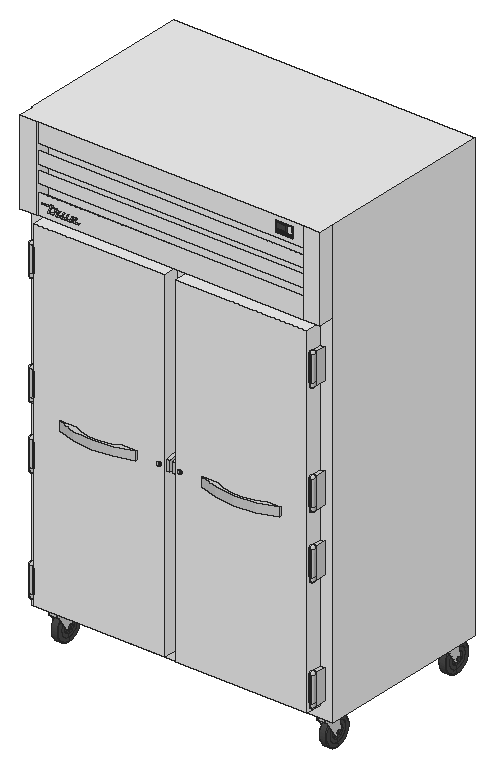
Revit family (continued)
Automatic sketch dimensions
  Extrusion 11 sketch curve to Extrusion 11 sketch curve = 2.4"  (x2)
  plane 8 to Extrusion 11 sketch curve = 12 13/32"
  Extrusion 11 sketch curve to Extrusion 11 sketch curve = 0"
  plane 5 "FRONT" to Extrusion 11 sketch curve = 0.2"
  Extrusion 11 sketch curve to plane 5 "FRONT" = 7.77899"
  Extrusion 11 sketch curve to Extrusion 11 sketch curve = 7.30945"
  plane 8 to Blend 12 sketch curve = 15/16"  (x2)
  plane 8 to Blend 12 sketch curve = 3/16"
  plane 7 to Blend 12 sketch curve = 31.11669"
  Blend 12 sketch curve to Blend 12 sketch curve = 1 3/4"
  plane 8 to Blend 12 sketch curve = 0.00527"
  plane 7 to Blend 12 sketch curve = 30.5191"
  Blend 12 sketch curve to Blend 12 sketch curve = 2.78233"
  Blend 13 sketch curve to plane 8 = 1 3/32"
  Blend 13 sketch curve to plane 8 = 11/32"
  plane 7 to Blend 13 sketch curve = 32.86669"
  Blend 13 sketch curve to Blend 13 sketch curve = 1 3/4"
  plane 8 to Blend 13 sketch curve = 1 3/32"
  plane 8 to Blend 13 sketch curve = 0.16152"
  Blend 13 sketch curve to plane 7 = 30.5191"
  Blend 13 sketch curve to Blend 13 sketch curve = 2.78233"
  Extrusion 14 sketch curve to plane 5 "FRONT" = 1/2"
  Extrusion 14 sketch curve to Extrusion 14 sketch curve = 0.43503"
  Extrusion 14 sketch curve to Extrusion 14 sketch curve = 0.20453"
  Extrusion 14 sketch curve to Extrusion 14 sketch curve = 1.61044"
  Extrusion 14 sketch curve to plane 6 "TOP" = 24.88873"
  Extrusion 14 sketch curve to Extrusion 14 sketch curve = 0.71221"
  Extrusion 14 sketch curve to Extrusion 14 sketch curve = 4.39928"
  Revolve 15 sketch curve to plane 5 "FRONT" = 0.07771"  (x2)
  Revolve 15 sketch curve to Revolve 15 sketch curve = 0.38242"
  Revolve 15 sketch curve to Revolve 15 sketch curve = 0.38436"
  Revolve 15 sketch curve to plane 5 "FRONT" = 31/64"
  Revolve 15 sketch curve to Revolve 15 sketch curve = 0.40666"
  Revolve 15 sketch curve to Revolve 15 sketch curve = 0"
  Revolve 15 sketch curve to plane 6 "TOP" = 25.07719"
  Revolve 15 sketch curve to Revolve 15 sketch curve = 0.32931"
  Revolve 15 sketch curve to Revolve 15 sketch curve = 0.51246"
  Revolve 15 sketch curve to Revolve 15 sketch curve = 0.05342"
  Revolve 15 sketch curve to Revolve 15 sketch curve = 4.42889"
  Revolve 15 sketch curve to Revolve 15 sketch curve = 0.04281"
  Revolve 15 sketch curve to Revolve 15 sketch curve = 0.18929"
  Revolve 15 sketch curve to Revolve 15 sketch curve = 0.55526"
  Extrusion 16 sketch curve to plane 9 = 0.96009"
  Extrusion 16 sketch curve to Extrusion 16 sketch curve = 0.39759"
  Extrusion 16 sketch curve to plane 6 "TOP" = 24.12421"
  Extrusion 16 sketch curve to Extrusion 16 sketch curve = 4.47281"
  Extrusion 17 sketch curve to plane 5 "FRONT" = 1/2"
  Extrusion 17 sketch curve to Extrusion 17 sketch curve = 0.43503"
  Extrusion 17 sketch curve to Extrusion 17 sketch curve = 0.20453"
  Extrusion 17 sketch curve to Extrusion 17 sketch curve = 1.61044"
  plane 7 to Extrusion 17 sketch curve = 33.61127"
  Extrusion 17 sketch curve to Extrusion 17 sketch curve = 0.71221"
  Extrusion 17 sketch curve to Extrusion 17 sketch curve = 4.39928"
  Revolve 18 sketch curve to plane 5 "FRONT" = 0.07771"  (x2)
  Revolve 18 sketch curve to Revolve 18 sketch curve = 0.38242"
  Revolve 18 sketch curve to Revolve 18 sketch curve = 0.38436"
  Revolve 18 sketch curve to plane 5 "FRONT" = 31/64"
  Revolve 18 sketch curve to Revolve 18 sketch curve = 0.40666"
  Revolve 18 sketch curve to Revolve 18 sketch curve = 0"
  plane 7 to Revolve 18 sketch curve = 33.42281"
  Revolve 18 sketch curve to Revolve 18 sketch curve = 0.32931"
  Revolve 18 sketch curve to Revolve 18 sketch curve = 0.51246"
  Revolve 18 sketch curve to Revolve 18 sketch curve = 0.05342"
  Revolve 18 sketch curve to Revolve 18 sketch curve = 4.42889"
  Revolve 18 sketch curve to Revolve 18 sketch curve = 0.04281"
  Revolve 18 sketch curve to Revolve 18 sketch curve = 0.18929"
  Revolve 18 sketch curve to Revolve 18 sketch curve = 0.55526"
  Extrusion 19 sketch curve to plane 9 = 0.96009"
  Extrusion 19 sketch curve to Extrusion 19 sketch curve = 0.39759"
  plane 7 to Extrusion 19 sketch curve = 34.37579"
  Extrusion 19 sketch curve to Extrusion 19 sketch curve = 4.47281"
  Extrusion 20 sketch curve to plane 5 "FRONT" = 1/2"
  Extrusion 20 sketch curve to Extrusion 20 sketch curve = 0.43503"
  Extrusion 20 sketch curve to Extrusion 20 sketch curve = 0.20453"
  Extrusion 20 sketch curve to Extrusion 20 sketch curve = 1.61044"
  plane 7 to Extrusion 20 sketch curve = 22.61127"
  Extrusion 20 sketch curve to Extrusion 20 sketch curve = 0.71221"
  Extrusion 20 sketch curve to Extrusion 20 sketch curve = 4.39928"
  Revolve 21 sketch curve to plane 5 "FRONT" = 0.07771"  (x2)
  Revolve 21 sketch curve to Revolve 21 sketch curve = 0.38242"
  Revolve 21 sketch curve to Revolve 21 sketch curve = 0.38436"
  Revolve 21 sketch curve to plane 5 "FRONT" = 31/64"
  Revolve 21 sketch curve to Revolve 21 sketch curve = 0.40666"
  Revolve 21 sketch curve to Revolve 21 sketch curve = 0"
  plane 7 to Revolve 21 sketch curve = 22.42281"
  Revolve 21 sketch curve to Revolve 21 sketch curve = 0.32931"
  Revolve 21 sketch curve to Revolve 21 sketch curve = 0.51246"
  Revolve 21 sketch curve to Revolve 21 sketch curve = 0.05342"
  Revolve 21 sketch curve to Revolve 21 sketch curve = 4.42889"
  Revolve 21 sketch curve to Revolve 21 sketch curve = 0.04281"
  Revolve 21 sketch curve to Revolve 21 sketch curve = 0.18929"
  Revolve 21 sketch curve to Revolve 21 sketch curve = 0.55526"
  Extrusion 22 sketch curve to plane 9 = 0.96009"
  Extrusion 22 sketch curve to Extrusion 22 sketch curve = 0.39759"
  plane 7 to Extrusion 22 sketch curve = 23.37579"
  Extrusion 22 sketch curve to Extrusion 22 sketch curve = 4.47281"
  Extrusion 23 sketch curve to plane 5 "FRONT" = 1/2"
  Extrusion 23 sketch curve to Extrusion 23 sketch curve = 0.43503"
  Extrusion 23 sketch curve to Extrusion 23 sketch curve = 0.20453"
  Extrusion 23 sketch curve to Extrusion 23 sketch curve = 1.61044"
  plane 7 to Extrusion 23 sketch curve = 2.86127"
  Extrusion 23 sketch curve to Extrusion 23 sketch curve = 0.71221"
  Extrusion 23 sketch curve to Extrusion 23 sketch curve = 4.39928"
  Revolve 24 sketch curve to plane 5 "FRONT" = 0.07771"  (x2)
  Revolve 24 sketch curve to Revolve 24 sketch curve = 0.38242"
  Revolve 24 sketch curve to Revolve 24 sketch curve = 0.38436"
  Revolve 24 sketch curve to plane 5 "FRONT" = 31/64"
  Revolve 24 sketch curve to Revolve 24 sketch curve = 0.40666"
  Revolve 24 sketch curve to Revolve 24 sketch curve = 0"
  plane 7 to Revolve 24 sketch curve = 2.67281"
  Revolve 24 sketch curve to Revolve 24 sketch curve = 0.32931"
  Revolve 24 sketch curve to Revolve 24 sketch curve = 0.51246"
  Revolve 24 sketch curve to Revolve 24 sketch curve = 0.05342"
  Revolve 24 sketch curve to Revolve 24 sketch curve = 4.42889"
  Revolve 24 sketch curve to Revolve 24 sketch curve = 0.04281"
  Revolve 24 sketch curve to Revolve 24 sketch curve = 0.18929"
  Revolve 24 sketch curve to Revolve 24 sketch curve = 0.55526"
  Extrusion 25 sketch curve to plane 9 = 0.96009"
  Extrusion 25 sketch curve to Extrusion 25 sketch curve = 0.39759"
  plane 7 to Extrusion 25 sketch curve = 3.62579"
  Extrusion 25 sketch curve to Extrusion 25 sketch curve = 4.47281"
  Extrusion 26 sketch curve to plane 5 "FRONT" = 1/2"
  Extrusion 26 sketch curve to Extrusion 26 sketch curve = 0.43503"
  Extrusion 26 sketch curve to Extrusion 26 sketch curve = 0.20453"
  Extrusion 26 sketch curve to Extrusion 26 sketch curve = 1.61044"
  Extrusion 26 sketch curve to plane 6 "TOP" = 19.57271"
  Extrusion 26 sketch curve to Extrusion 26 sketch curve = 4.39928"
  Extrusion 26 sketch curve to Extrusion 26 sketch curve = 0.71221"
  Revolve 27 sketch curve to plane 5 "FRONT" = 0.07771"  (x2)
  Revolve 27 sketch curve to Revolve 27 sketch curve = 0.38242"
  Revolve 27 sketch curve to Revolve 27 sketch curve = 0.38436"
  Revolve 27 sketch curve to plane 5 "FRONT" = 31/64"
  Revolve 27 sketch curve to Revolve 27 sketch curve = 0.40666"
  Revolve 27 sketch curve to Revolve 27 sketch curve = 0"
  Revolve 27 sketch curve to plane 6 "TOP" = 18.75492"
  Revolve 27 sketch curve to Revolve 27 sketch curve = 0.55526"
  Revolve 27 sketch curve to Revolve 27 sketch curve = 0.19474"
  Revolve 27 sketch curve to Revolve 27 sketch curve = 0.14649"
  Revolve 27 sketch curve to Revolve 27 sketch curve = 4.42889"
  Revolve 27 sketch curve to Revolve 27 sketch curve = 0.05342"
  Revolve 27 sketch curve to Revolve 27 sketch curve = 0.51246"
  Revolve 27 sketch curve to Revolve 27 sketch curve = 0.05889"
  plane 10 to Extrusion 28 sketch curve = 0.96009"
  Extrusion 28 sketch curve to Extrusion 28 sketch curve = 0.39759"
  Extrusion 28 sketch curve to plane 6 "TOP" = 19.6514"
  Extrusion 28 sketch curve to Extrusion 28 sketch curve = 4.47281"
  Extrusion 29 sketch curve to plane 5 "FRONT" = 1/2"
  Extrusion 29 sketch curve to Extrusion 29 sketch curve = 0.43503"
  Extrusion 29 sketch curve to Extrusion 29 sketch curve = 0.20453"
  Extrusion 29 sketch curve to Extrusion 29 sketch curve = 1.61044"
  plane 7 to Extrusion 29 sketch curve = 38.92729"
  Extrusion 29 sketch curve to Extrusion 29 sketch curve = 4.39928"
  Extrusion 29 sketch curve to Extrusion 29 sketch curve = 0.71221"
  Revolve 30 sketch curve to plane 5 "FRONT" = 0.07771"  (x2)
  Revolve 30 sketch curve to Revolve 30 sketch curve = 0.38242"
  Revolve 30 sketch curve to Revolve 30 sketch curve = 0.38436"
  Revolve 30 sketch curve to plane 5 "FRONT" = 31/64"
  Revolve 30 sketch curve to Revolve 30 sketch curve = 0.40666"
  Revolve 30 sketch curve to Revolve 30 sketch curve = 0"
  Revolve 30 sketch curve to plane 6 "TOP" = 38.25492"
  Revolve 30 sketch curve to Revolve 30 sketch curve = 0.55526"
  Revolve 30 sketch curve to Revolve 30 sketch curve = 0.19474"
  Revolve 30 sketch curve to Revolve 30 sketch curve = 0.14649"
  Revolve 30 sketch curve to Revolve 30 sketch curve = 4.42889"
  Revolve 30 sketch curve to Revolve 30 sketch curve = 0.05342"
  Revolve 30 sketch curve to Revolve 30 sketch curve = 0.51246"
  Revolve 30 sketch curve to Revolve 30 sketch curve = 0.05889"
  plane 10 to Extrusion 31 sketch curve = 0.96009"
  Extrusion 31 sketch curve to Extrusion 31 sketch curve = 0.39759"
  plane 7 to Extrusion 31 sketch curve = 38.8486"
  Extrusion 31 sketch curve to Extrusion 31 sketch curve = 4.47281"
  Extrusion 32 sketch curve to plane 5 "FRONT" = 1/2"
  Extrusion 32 sketch curve to Extrusion 32 sketch curve = 0.43503"
  Extrusion 32 sketch curve to Extrusion 32 sketch curve = 0.20453"
  Extrusion 32 sketch curve to Extrusion 32 sketch curve = 1.61044"
  plane 7 to Extrusion 32 sketch curve = 27.92729"
  Extrusion 32 sketch curve to Extrusion 32 sketch curve = 4.39928"
  Extrusion 32 sketch curve to Extrusion 32 sketch curve = 0.71221"
  Revolve 33 sketch curve to plane 5 "FRONT" = 0.07771"  (x2)
  Revolve 33 sketch curve to Revolve 33 sketch curve = 0.38242"
  Revolve 33 sketch curve to Revolve 33 sketch curve = 0.38436"
  Revolve 33 sketch curve to plane 5 "FRONT" = 31/64"
  Revolve 33 sketch curve to Revolve 33 sketch curve = 0.40666"
  Revolve 33 sketch curve to Revolve 33 sketch curve = 0"
  plane 7 to Revolve 33 sketch curve = 28.74508"
  Revolve 33 sketch curve to Revolve 33 sketch curve = 0.55526"
  Revolve 33 sketch curve to Revolve 33 sketch curve = 0.19474"
  Revolve 33 sketch curve to Revolve 33 sketch curve = 0.14649"
  Revolve 33 sketch curve to Revolve 33 sketch curve = 4.42889"
  Revolve 33 sketch curve to Revolve 33 sketch curve = 0.05342"
  Revolve 33 sketch curve to Revolve 33 sketch curve = 0.51246"
  Revolve 33 sketch curve to Revolve 33 sketch curve = 0.05889"
  plane 10 to Extrusion 34 sketch curve = 0.96009"
  Extrusion 34 sketch curve to Extrusion 34 sketch curve = 0.39759"
  plane 7 to Extrusion 34 sketch curve = 27.8486"
  Extrusion 34 sketch curve to Extrusion 34 sketch curve = 4.47281"
  Extrusion 35 sketch curve to plane 5 "FRONT" = 1/2"
  Extrusion 35 sketch curve to Extrusion 35 sketch curve = 0.43503"
  Extrusion 35 sketch curve to Extrusion 35 sketch curve = 0.20453"
  Extrusion 35 sketch curve to Extrusion 35 sketch curve = 1.61044"
  plane 7 to Extrusion 35 sketch curve = 8.17729"
  plane 7 to Extrusion 35 sketch curve = 3.57348"
  Extrusion 35 sketch curve to Extrusion 35 sketch curve = 0.71221"
  Revolve 36 sketch curve to plane 5 "FRONT" = 0.07771"  (x2)
  Revolve 36 sketch curve to Revolve 36 sketch curve = 0.38242"
  Revolve 36 sketch curve to Revolve 36 sketch curve = 0.38436"
  Revolve 36 sketch curve to plane 5 "FRONT" = 31/64"
  Revolve 36 sketch curve to Revolve 36 sketch curve = 0.40666"
  Revolve 36 sketch curve to Revolve 36 sketch curve = 0"
  plane 7 to Revolve 36 sketch curve = 8.99508"
  Revolve 36 sketch curve to Revolve 36 sketch curve = 0.55526"
  Revolve 36 sketch curve to Revolve 36 sketch curve = 0.19474"
  Revolve 36 sketch curve to Revolve 36 sketch curve = 0.14649"
  plane 7 to Revolve 36 sketch curve = 3.62689"
  Revolve 36 sketch curve to Revolve 36 sketch curve = 0.05342"
  Revolve 36 sketch curve to Revolve 36 sketch curve = 0.51246"
  Revolve 36 sketch curve to Revolve 36 sketch curve = 0.05889"
  plane 10 to Extrusion 37 sketch curve = 0.96009"
  Extrusion 37 sketch curve to Extrusion 37 sketch curve = 0.39759"
  plane 7 to Extrusion 37 sketch curve = 8.0986"
  plane 7 to Extrusion 37 sketch curve = 3.62579"
  Revolve 38 sketch curve to plane 10 = 1.50773"
  Revolve 38 sketch curve to Revolve 38 sketch curve = 0.48273"
  Revolve 38 sketch curve to plane 10 = 5/8"  (x2)
  Revolve 38 sketch curve to Revolve 38 sketch curve = 0.1"  (x2)
  Revolve 38 sketch curve to Revolve 38 sketch curve = 0.16101"
  plane 10 to Revolve 38 sketch curve = 0.12908"
  plane 10 to Revolve 38 sketch curve = 0.46399"
  plane 10 to Revolve 38 sketch curve = 0.525"
  Revolve 38 sketch curve to Revolve 38 sketch curve = 1/2"
  Revolve 38 sketch curve to Revolve 38 sketch curve = 0.16509"
  Revolve 38 sketch curve to Revolve 38 sketch curve = 0.39592"
  level to Revolve 38 sketch curve = 2 1/2"
  Revolve 38 sketch curve to Revolve 38 sketch curve = 0"
  Revolve 38 sketch curve to Revolve 38 sketch curve = 0.29941"  (x2)
  Revolve 38 sketch curve to Revolve 38 sketch curve = 3/4"  (x4)
  Revolve 38 sketch curve to Revolve 38 sketch curve = 0.59652"
  Revolve 38 sketch curve to Revolve 38 sketch curve = 0.60059"
  Extrusion 39 sketch curve to plane 7 = 0.63926"  (x2)
  Extrusion 39 sketch curve to plane 5 "FRONT" = 3.79864"
  Extrusion 39 sketch curve to Extrusion 39 sketch curve = 1/4"  (x2)
  level to Extrusion 39 sketch curve = 2.18736"  (x2)
  Extrusion 39 sketch curve to Extrusion 39 sketch curve = 1.7492"
  Extrusion 39 sketch curve to Extrusion 39 sketch curve = 0.50669"  (x2)
  Extrusion 39 sketch curve to Extrusion 39 sketch curve = 2 1/2"
  level to Extrusion 39 sketch curve = 2.59003"
  Extrusion 39 sketch curve to Extrusion 39 sketch curve = 0.59966"  (x2)
  plane 1 "BACK" to Extrusion 39 sketch curve = 3.8577"
  plane 1 "BACK" to Extrusion 39 sketch curve = 1.8585"
  plane 1 "BACK" to Extrusion 39 sketch curve = 1.1077"
  Extrusion 39 sketch curve to Extrusion 39 sketch curve = 0.32905"
  Extrusion 39 sketch curve to Extrusion 39 sketch curve = 0.60485"  (x2)
  Extrusion 40 sketch curve to plane 7 = 0.63926"  (x2)
  Extrusion 40 sketch curve to plane 5 "FRONT" = 3.79864"
  Extrusion 40 sketch curve to Extrusion 40 sketch curve = 1/4"  (x2)
  level to Extrusion 40 sketch curve = 2.18736"  (x2)
  Extrusion 40 sketch curve to Extrusion 40 sketch curve = 1.7492"
  Extrusion 40 sketch curve to Extrusion 40 sketch curve = 0.50669"  (x2)
  Extrusion 40 sketch curve to Extrusion 40 sketch curve = 2 1/2"
  level to Extrusion 40 sketch curve = 2.59003"
  Extrusion 40 sketch curve to Extrusion 40 sketch curve = 0.59966"  (x2)
  plane 1 "BACK" to Extrusion 40 sketch curve = 3.8577"
  plane 1 "BACK" to Extrusion 40 sketch curve = 1.8585"
  plane 1 "BACK" to Extrusion 40 sketch curve = 1.1077"
  Extrusion 40 sketch curve to Extrusion 40 sketch curve = 0.32905"
  Extrusion 40 sketch curve to Extrusion 40 sketch curve = 0.60485"  (x2)
  Revolve 41 sketch curve to plane 10 = 0"  (x2)
  Revolve 41 sketch curve to plane 7 = 0.62954"
  Revolve 41 sketch curve to plane 10 = 1.29707"
  Revolve 41 sketch curve to Revolve 41 sketch curve = 0.10278"
  Revolve 41 sketch curve to plane 7 = 0.00141"
  plane 7 to Revolve 41 sketch curve = 0.26768"
  Revolve 42 sketch curve to level = 0"
  Revolve 42 sketch curve to plane 10 = 0"  (x2)
  Revolve 42 sketch curve to plane 10 = 1/2"
  Revolve 42 sketch curve to Revolve 42 sketch curve = 1/4"
  Revolve 42 sketch curve to plane 7 = 0"
  Revolve 42 sketch curve to Revolve 42 sketch curve = 1.33338"
  level to Revolve 42 sketch curve = 1"
  Revolve 42 sketch curve to Revolve 42 sketch curve = 5/8"
  plane 7 to Revolve 42 sketch curve = 1 25/32"
  Revolve 43 sketch curve to level = 0"
  Revolve 43 sketch curve to plane 10 = 0"  (x2)
  Revolve 43 sketch curve to plane 10 = 1/2"
  Revolve 43 sketch curve to Revolve 43 sketch curve = 1/4"
  Revolve 43 sketch curve to plane 7 = 0"
  Revolve 43 sketch curve to Revolve 43 sketch curve = 1.33338"
  level to Revolve 43 sketch curve = 1"
  Revolve 43 sketch curve to Revolve 43 sketch curve = 5/8"
  plane 7 to Revolve 43 sketch curve = 1 25/32"
  Revolve 44 sketch curve to plane 10 = 0"  (x2)
  Revolve 44 sketch curve to plane 7 = 0.62954"
  Revolve 44 sketch curve to plane 10 = 1.29707"
  Revolve 44 sketch curve to Revolve 44 sketch curve = 0.10278"
  Revolve 44 sketch curve to plane 7 = 0.00141"
  plane 7 to Revolve 44 sketch curve = 0.26768"
  Extrusion 45 sketch curve to plane 7 = 0.63926"  (x2)
  Extrusion 45 sketch curve to plane 5 "FRONT" = 3.79864"
  Extrusion 45 sketch curve to Extrusion 45 sketch curve = 1/4"  (x2)
  Extrusion 45 sketch curve to Extrusion 45 sketch curve = 2 1/2"
  Extrusion 45 sketch curve to plane 7 = 0.93273"  (x2)
  Extrusion 45 sketch curve to Extrusion 45 sketch curve = 0.03603"
  plane 1 "BACK" to Extrusion 45 sketch curve = 3.8577"
  Extrusion 45 sketch curve to plane 7 = 1.24411"
  plane 1 "BACK" to Extrusion 45 sketch curve = 1.1077"
  Revolve 46 sketch curve to plane 10 = 1.50773"
  Revolve 46 sketch curve to Revolve 46 sketch curve = 0.48273"
  Revolve 46 sketch curve to plane 10 = 5/8"  (x2)
  Revolve 46 sketch curve to Revolve 46 sketch curve = 0.1"  (x2)
  Revolve 46 sketch curve to Revolve 46 sketch curve = 0.16101"
  plane 10 to Revolve 46 sketch curve = 0.12908"
  plane 10 to Revolve 46 sketch curve = 0.46399"
  plane 10 to Revolve 46 sketch curve = 0.525"
  Revolve 46 sketch curve to Revolve 46 sketch curve = 1/2"
  Revolve 46 sketch curve to Revolve 46 sketch curve = 0.16509"
  Revolve 46 sketch curve to Revolve 46 sketch curve = 0.39592"
  level to Revolve 46 sketch curve = 2 1/2"
  Revolve 46 sketch curve to Revolve 46 sketch curve = 0"
  Revolve 46 sketch curve to Revolve 46 sketch curve = 0.29941"  (x2)
  Revolve 46 sketch curve to Revolve 46 sketch curve = 3/4"  (x4)
  Revolve 46 sketch curve to Revolve 46 sketch curve = 0.59652"
  Revolve 46 sketch curve to Revolve 46 sketch curve = 0.60059"
  plane 3 "LEFT" to Revolve 47 sketch curve = 1.33602"
  Revolve 47 sketch curve to Revolve 47 sketch curve = 0.48273"
  Revolve 47 sketch curve to plane 9 = 5/8"  (x2)
  Revolve 47 sketch curve to Revolve 47 sketch curve = 0.1"  (x2)
  Revolve 47 sketch curve to Revolve 47 sketch curve = 0.16101"
  plane 9 to Revolve 47 sketch curve = 0.12908"
  plane 9 to Revolve 47 sketch curve = 0.46399"
  plane 9 to Revolve 47 sketch curve = 0.525"
  Revolve 47 sketch curve to Revolve 47 sketch curve = 1/2"
  Revolve 47 sketch curve to Revolve 47 sketch curve = 0.16509"
  Revolve 47 sketch curve to Revolve 47 sketch curve = 0.39592"
  level to Revolve 47 sketch curve = 2 1/2"
  Revolve 47 sketch curve to Revolve 47 sketch curve = 0"
  Revolve 47 sketch curve to Revolve 47 sketch curve = 0.29941"  (x2)
  Revolve 47 sketch curve to Revolve 47 sketch curve = 3/4"  (x4)
  Revolve 47 sketch curve to Revolve 47 sketch curve = 0.59652"
  Revolve 47 sketch curve to Revolve 47 sketch curve = 0.60059"
  Extrusion 48 sketch curve to plane 7 = 0.63926"  (x2)
  Extrusion 48 sketch curve to plane 5 "FRONT" = 3.79864"
  Extrusion 48 sketch curve to Extrusion 48 sketch curve = 1/4"  (x2)
  level to Extrusion 48 sketch curve = 2.18736"  (x2)
  Extrusion 48 sketch curve to Extrusion 48 sketch curve = 1.7492"
  Extrusion 48 sketch curve to Extrusion 48 sketch curve = 0.50669"  (x2)
  Extrusion 48 sketch curve to Extrusion 48 sketch curve = 2 1/2"
  level to Extrusion 48 sketch curve = 2.59003"
  Extrusion 48 sketch curve to Extrusion 48 sketch curve = 0.59966"  (x2)
  plane 1 "BACK" to Extrusion 48 sketch curve = 3.8577"
  plane 1 "BACK" to Extrusion 48 sketch curve = 1.8585"
  plane 1 "BACK" to Extrusion 48 sketch curve = 1.1077"
  Extrusion 48 sketch curve to Extrusion 48 sketch curve = 0.32905"
  Extrusion 48 sketch curve to Extrusion 48 sketch curve = 0.60485"  (x2)
  Extrusion 49 sketch curve to plane 7 = 0.63926"  (x2)
  Extrusion 49 sketch curve to plane 5 "FRONT" = 3.79864"
  Extrusion 49 sketch curve to Extrusion 49 sketch curve = 1/4"  (x2)
  level to Extrusion 49 sketch curve = 2.18736"  (x2)
  Extrusion 49 sketch curve to Extrusion 49 sketch curve = 1.7492"
  Extrusion 49 sketch curve to Extrusion 49 sketch curve = 0.50669"  (x2)
  Extrusion 49 sketch curve to Extrusion 49 sketch curve = 2 1/2"
  level to Extrusion 49 sketch curve = 2.59003"
  Extrusion 49 sketch curve to Extrusion 49 sketch curve = 0.59966"  (x2)
  plane 1 "BACK" to Extrusion 49 sketch curve = 3.8577"
  plane 1 "BACK" to Extrusion 49 sketch curve = 1.8585"
  plane 1 "BACK" to Extrusion 49 sketch curve = 1.1077"
  Extrusion 49 sketch curve to Extrusion 49 sketch curve = 0.32905"
  Extrusion 49 sketch curve to Extrusion 49 sketch curve = 0.60485"  (x2)
  Revolve 50 sketch curve to plane 9 = 0"  (x2)
  Revolve 50 sketch curve to plane 7 = 0.62954"
  Revolve 50 sketch curve to plane 9 = 1.29707"
  Revolve 50 sketch curve to Revolve 50 sketch curve = 0.10278"
  Revolve 50 sketch curve to plane 7 = 0.00141"
  plane 7 to Revolve 50 sketch curve = 0.26768"
  Revolve 51 sketch curve to level = 0"
  Revolve 51 sketch curve to plane 9 = 0"  (x2)
  Revolve 51 sketch curve to plane 9 = 1/2"
  Revolve 51 sketch curve to Revolve 51 sketch curve = 1/4"
  Revolve 51 sketch curve to plane 7 = 0"
  Revolve 51 sketch curve to plane 9 = 1.33338"
  level to Revolve 51 sketch curve = 1"
  Revolve 51 sketch curve to Revolve 51 sketch curve = 5/8"
  plane 7 to Revolve 51 sketch curve = 1 25/32"
  Revolve 52 sketch curve to level = 0"
  Revolve 52 sketch curve to plane 9 = 0"  (x2)
  Revolve 52 sketch curve to plane 9 = 1/2"
  Revolve 52 sketch curve to Revolve 52 sketch curve = 1/4"
  Revolve 52 sketch curve to plane 7 = 0"
  Revolve 52 sketch curve to plane 9 = 1.33338"
  level to Revolve 52 sketch curve = 1"
  Revolve 52 sketch curve to Revolve 52 sketch curve = 5/8"
  plane 7 to Revolve 52 sketch curve = 1 25/32"
  Revolve 53 sketch curve to plane 9 = 0"  (x2)
  Revolve 53 sketch curve to plane 7 = 0.62954"
  Revolve 53 sketch curve to plane 9 = 1.29707"
  Revolve 53 sketch curve to Revolve 53 sketch curve = 0.10278"
  Revolve 53 sketch curve to plane 7 = 0.00141"
  plane 7 to Revolve 53 sketch curve = 0.26768"
  Extrusion 54 sketch curve to plane 7 = 0.63926"  (x2)
  Extrusion 54 sketch curve to plane 5 "FRONT" = 3.79864"
  Extrusion 54 sketch curve to Extrusion 54 sketch curve = 1/4"  (x2)
  Extrusion 54 sketch curve to Extrusion 54 sketch curve = 2 1/2"
  Extrusion 54 sketch curve to plane 7 = 0.93273"  (x2)
  Extrusion 54 sketch curve to Extrusion 54 sketch curve = 0.03603"
  plane 1 "BACK" to Extrusion 54 sketch curve = 3.8577"
  Extrusion 54 sketch curve to plane 7 = 1.24411"
  plane 1 "BACK" to Extrusion 54 sketch curve = 1.1077"
  plane 3 "LEFT" to Revolve 55 sketch curve = 1.33602"
  Revolve 55 sketch curve to Revolve 55 sketch curve = 0.48273"
  Revolve 55 sketch curve to plane 9 = 5/8"  (x2)
  Revolve 55 sketch curve to Revolve 55 sketch curve = 0.1"  (x2)
  Revolve 55 sketch curve to Revolve 55 sketch curve = 0.16101"
  plane 9 to Revolve 55 sketch curve = 0.12908"
  plane 9 to Revolve 55 sketch curve = 0.46399"
  plane 9 to Revolve 55 sketch curve = 0.525"
  Revolve 55 sketch curve to Revolve 55 sketch curve = 1/2"
  Revolve 55 sketch curve to Revolve 55 sketch curve = 0.16509"
  Revolve 55 sketch curve to Revolve 55 sketch curve = 0.39592"
  level to Revolve 55 sketch curve = 2 1/2"
  Revolve 55 sketch curve to Revolve 55 sketch curve = 0"
  Revolve 55 sketch curve to Revolve 55 sketch curve = 0.29941"  (x2)
  Revolve 55 sketch curve to Revolve 55 sketch curve = 3/4"  (x4)
  Revolve 55 sketch curve to Revolve 55 sketch curve = 0.59652"
  Revolve 55 sketch curve to Revolve 55 sketch curve = 0.60059"
  Extrusion 56 sketch curve to plane 6 "TOP" = 2.55982"
  Extrusion 56 sketch curve to plane 10 = 5.12093"
  Extrusion 56 sketch curve to plane 10 = 2.21468"
  Extrusion 56 sketch curve to plane 6 "TOP" = 13/16"
  Extrusion 57 sketch curve to plane 6 "TOP" = 3/4"
  Extrusion 57 sketch curve to plane 10 = 5.18343"
  Extrusion 57 sketch curve to Extrusion 57 sketch curve = 1/16"  (x4)
  Extrusion 57 sketch curve to Extrusion 57 sketch curve = 0.1375"  (x2)
  Extrusion 57 sketch curve to Extrusion 57 sketch curve = 1/4"  (x4)
  Extrusion 57 sketch curve to Extrusion 57 sketch curve = 0.44601"
  Extrusion 57 sketch curve to Extrusion 57 sketch curve = 1/2"  (x2)
  Extrusion 57 sketch curve to Extrusion 57 sketch curve = 0.0035"
  Extrusion 57 sketch curve to Extrusion 57 sketch curve = 1.06923"
  Extrusion 57 sketch curve to plane 6 "TOP" = 0.95"
  Extrusion 57 sketch curve to Extrusion 57 sketch curve = 1"
  Extrusion 57 sketch curve to Extrusion 57 sketch curve = 0.34106"  (x3)
  Extrusion 57 sketch curve to Extrusion 57 sketch curve = 0"
  Extrusion 57 sketch curve to Extrusion 57 sketch curve = 0.26876"
  Extrusion 59 sketch curve to plane 9 = 0"
  Extrusion 59 sketch curve to plane 5 "FRONT" = 5.09023"
  Extrusion 60 sketch curve to plane 9 = 0"
  plane 1 "BACK" to Extrusion 60 sketch curve = 2.69102"
  Extrusion 61 sketch curve to plane 10 = 0"
  plane 1 "BACK" to Extrusion 61 sketch curve = 2.69102"
  Extrusion 62 sketch curve to plane 10 = 0"
  Extrusion 62 sketch curve to plane 5 "FRONT" = 5.09023"
  plane 5 "FRONT" to Extrusion 58 sketch curve = 0"  (x2)
  plane 10 to Extrusion 58 sketch curve = 13/32"
  Extrusion 58 sketch curve to plane 12 = 15/16"
  plane 8 to Extrusion 58 sketch curve = 15/16"
  Extrusion 58 sketch curve to plane 9 = 9/16"
  radius of Extrusion 8 sketch curve = 0.35"  (x2)
  radius of Extrusion 10 sketch curve = 1/4"
  radius of Extrusion 59 sketch curve = 1 1/2"
  radius of Extrusion 60 sketch curve = 1 1/2"
  radius of Extrusion 61 sketch curve = 1 1/2"
  radius of Extrusion 62 sketch curve = 1 1/2"
Connectors (in)
  electrical at (49.53125, -0.0625, 82), driven by "Volts", driven by "Watts"
    settings: on Extrusion 10, index 1, voltage 208 V, apparent load 3000 VA, apparent load phase1 0 VA, apparent load phase2 0 VA, apparent load phase3 0 VA, power factor 1, load classification "Other", number of poles 1, system type 30, power factor state 1, is connector primary yes, connector utility no, sub classification motor no, connector description "Electrical Connection"
